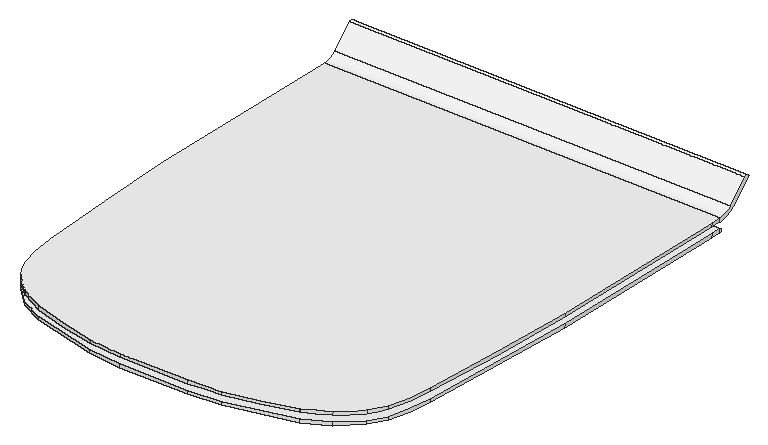
Revit family "006059+006379_rfa", category Allgemeines Modell, Revit 2014
Parameters
  Mischbatterie [instance] = yes
  Material Keramik [instance] = Duravit Keramik
  Material Chrom [instance] = Stahl, verchromt
Reference planes
  plane 1 "Mitte (Vorne/Hinten)": y = 0
  plane 2: z = 0
  plane 3 "Mitte (Links/Rechts)": x = 0
Forms (mm)
  Extrusion 1, solid, material "Duravit Keramik" <- "Material Keramik"
    sketch origin (0, 0, 15.874) x (0, 1, 0) y (0, 0, 1)
      loop
        arc (-0.912, 22.444) -> (-2.622, 23.428) -> (-4.529, 22.921) r 2.587
        line (-4.529, 22.921) -> (-21.726, 5.82)
        arc (-21.726, 5.82) -> (-27.292, 2.118) -> (-33.849, 0.819) r 17.188
        line (-33.849, 0.819) -> (-469.528, 0.622) -> (-469.528, -2.251) -> (-33.849, -2.069)
        arc (-33.849, -2.069) -> (-26.19, -0.552) -> (-19.689, 3.772) r 20.077
        line (-19.689, 3.772) -> (-0.912, 22.444)
    from -186.674 to 186.94
  Extrusion 2, solid, material "Duravit Keramik" <- "Material Keramik"
    sketch origin (0, 0, 15.874) x (0, 1, 0) y (0, 0, 1)
      loop
        arc (-32.991, -10.975) -> (-22.233, -9.187) -> (-13.054, -3.299) r 27.075
        line (-13.054, -3.299) -> (-7.432, -10.451)
        arc (-7.432, -10.451) -> (18.299, -5.085) -> (-1.536, 12.161) r 14.671
        line (-1.536, 12.161) -> (-14.789, -1.092)
        arc (-14.789, -1.092) -> (-23.146, -6.548) -> (-32.991, -8.183) r 24.285
        line (-32.991, -8.183) -> (-32.991, -10.975)
    from 129.782 to 162.387
  Extrusion 3, void
    sketch origin (0, 499, 1.178) x (-1, 0, 0) y (0, -1, 0)
      loop
        line (243.326, 533.849) -> (243.326, 1023.849) -> (-211.674, 1023.849) -> (-211.674, 533.849) -> (-186.674, 533.849)
        arc (-186.674, 533.849) -> (-187.358, 699.892) -> (-179.277, 865.739) r 3144.511
        arc (-179.277, 865.739) -> (-177.089, 886.118) -> (-172.023, 905.977) r 143.647
        arc (-172.023, 905.977) -> (-168.308, 914.042) -> (-163.62, 921.584) r 71.321
        arc (-163.62, 921.584) -> (-154.999, 930.586) -> (-145.492, 938.647) r 120.217
        arc (-145.492, 938.647) -> (-134.509, 944.885) -> (-123.124, 950.357) r 184.494
        arc (-123.124, 950.357) -> (-93.18, 959.252) -> (-62.646, 965.845) r 410.583
        arc (-62.646, 965.845) -> (-31.375, 968.571) -> (0, 969.525) r 554.804
        arc (0, 969.525) -> (31.375, 968.571) -> (62.646, 965.845) r 554.804
        arc (62.646, 965.845) -> (93.18, 959.252) -> (123.124, 950.357) r 410.583
        arc (123.124, 950.357) -> (134.509, 944.885) -> (145.492, 938.647) r 184.494
        arc (145.492, 938.647) -> (154.999, 930.586) -> (163.62, 921.584) r 120.217
        arc (163.62, 921.584) -> (168.308, 914.042) -> (172.023, 905.977) r 71.321
        arc (172.023, 905.977) -> (177.089, 886.118) -> (179.277, 865.739) r 143.647
        arc (179.277, 865.739) -> (187.358, 699.892) -> (186.674, 533.849) r 3144.511
        line (186.674, 533.849) -> (243.326, 533.849)
    from 0 to 250
  Extrusion 4, solid, material "Duravit Keramik" <- "Material Keramik"
    sketch origin (0, 0, 15.874) x (0, 1, 0) y (0, 0, -1)
      loop
        line (-32.991, 10.975) -> (-32.991, 8.183)
        arc (-32.991, 8.183) -> (-23.146, 6.548) -> (-14.789, 1.092) r 24.285
        line (-14.789, 1.092) -> (-1.536, -12.161)
        arc (-1.536, -12.161) -> (18.299, 5.085) -> (-7.432, 10.451) r 14.671
        line (-7.432, 10.451) -> (-13.054, 3.299)
        arc (-13.054, 3.299) -> (-22.233, 9.187) -> (-32.991, 10.975) r 27.075
    from 129.782 to 162.387
  Extrusion 5, solid, material "Duravit Keramik" <- "Material Keramik"
    sketch origin (0, 0, 6.85) x (0, 1, 0) y (0, 0, 1)
      loop
        line (-32.991, -1.951) -> (-32.991, 0.82) -> (-469.528, 0.622) -> (-469.528, -2.134) -> (-32.991, -1.951)
    from -186.674 to 186.94
  Sweep 6, solid, material "Duravit Keramik" <- "Material Keramik"
    path in 3D
      loop
        arc (-113.583, -293.337, 1.178) -> (-111.43, -320.037, 1.178) -> (-105.61, -346.184, 1.178) r 193.511
        arc (-105.61, -346.184, 1.178) -> (-90.889, -366.83, 1.178) -> (-70.574, -382.004, 1.178) r 82.163
        arc (-70.574, -382.004, 1.178) -> (-36.194, -393.972, 1.178) -> (0, -397.865, 1.178) r 160.096
        arc (0, -397.865, 1.178) -> (36.194, -393.972, 1.178) -> (70.574, -382.004, 1.178) r 160.096
        arc (70.574, -382.004, 1.178) -> (90.889, -366.83, 1.178) -> (105.61, -346.184, 1.178) r 82.163
        arc (105.61, -346.184, 1.178) -> (111.43, -320.037, 1.178) -> (113.583, -293.337, 1.178) r 193.511
        line (113.583, -293.337, 1.178) -> (114.852, -180.101, 1.178)
        arc (114.852, -180.101, 1.178) -> (81.068, -101.198, 1.178) -> (0, -73, 1.178) r 106.259
        arc (0, -73, 1.178) -> (-81.068, -101.198, 1.178) -> (-114.852, -180.101, 1.178) r 106.259
        line (-114.852, -180.101, 1.178) -> (-113.583, -293.337, 1.178)
    profile origin (-114.218, -236.719, 1.178) x (0.999937, 0.011205, 0) y (0, 0, 1)
      loop
        arc (-0.003, -15.46) -> (-3.427, -5.844) -> (-11.273, 0.687) r 19.326
        arc (-11.273, 0.687) -> (-22.14, 4.547) -> (-33.506, 6.499) r 67.439
        line (-33.506, 6.499) -> (-33.506, 5.495)
        arc (-33.506, 5.495) -> (-22.352, 3.569) -> (-11.687, -0.224) r 66.439
        arc (-11.687, -0.224) -> (-4.269, -6.386) -> (-1.006, -15.46) r 18.326
        line (-1.006, -15.46) -> (-0.003, -15.46)
  Extrusion 7, void
    sketch origin (0, 0, 1.178) x (-1, 0, 0) y (0, -1, 0)
      loop
        arc (-148.356, 180.477) -> (-104.909, 77.625) -> (0, 39.411) r 139.765
        arc (0, 39.411) -> (104.909, 77.625) -> (148.356, 180.477) r 139.765
        line (148.356, 180.477) -> (147.087, 293.712)
        arc (147.087, 293.712) -> (144.346, 326.431) -> (136.914, 358.411) r 227.017
        arc (136.914, 358.411) -> (115.689, 389.383) -> (85.662, 411.925) r 115.668
        arc (85.662, 411.925) -> (43.948, 426.57) -> (0, 431.371) r 193.602
        arc (0, 431.371) -> (-43.948, 426.57) -> (-85.662, 411.925) r 193.602
        arc (-85.662, 411.925) -> (-115.689, 389.383) -> (-136.914, 358.411) r 115.668
        arc (-136.914, 358.411) -> (-144.346, 326.431) -> (-147.087, 293.712) r 227.017
        line (-147.087, 293.712) -> (-148.356, 180.477)
    from 0 to 6.499
Cuts and joins
  Extrusion 3, Extrusion 7 cuts Extrusion 1
  Extrusion 3, Extrusion 7 cuts Extrusion 5
Lines and regions (mm)
  sketch lines
    curve 1: line (-114.852, -180.101, 1.178) -> (-113.583, -293.337, 1.178)
    curve 2: arc (-114.852, -180.101, 1.178) -> (-81.068, -101.198, 1.178) -> (0, -73, 1.178) r 106.259
    curve 3: arc (-105.61, -346.184, 1.178) -> (-90.889, -366.83, 1.178) -> (-70.574, -382.004, 1.178) r 82.163
    curve 4: arc (-70.574, -382.004, 1.178) -> (-36.194, -393.972, 1.178) -> (0, -397.865, 1.178) r 160.096
    curve 5: arc (70.574, -382.004, 1.178) -> (36.194, -393.972, 1.178) -> (0, -397.865, 1.178) r 160.096
    curve 6: arc (105.61, -346.184, 1.178) -> (90.889, -366.83, 1.178) -> (70.574, -382.004, 1.178) r 82.163
    curve 7: arc (113.583, -293.337, 1.178) -> (111.43, -320.037, 1.178) -> (105.61, -346.184, 1.178) r 193.511
    curve 8: line (114.852, -180.101, 1.178) -> (113.583, -293.337, 1.178)
    curve 9: arc (114.852, -180.101, 1.178) -> (81.068, -101.198, 1.178) -> (0, -73, 1.178) r 106.259
    curve 10: arc (-113.583, -293.337, 1.178) -> (-111.43, -320.037, 1.178) -> (-105.61, -346.184, 1.178) r 193.511
Dimensions and locks
  aligned and locked: level to plane 2
